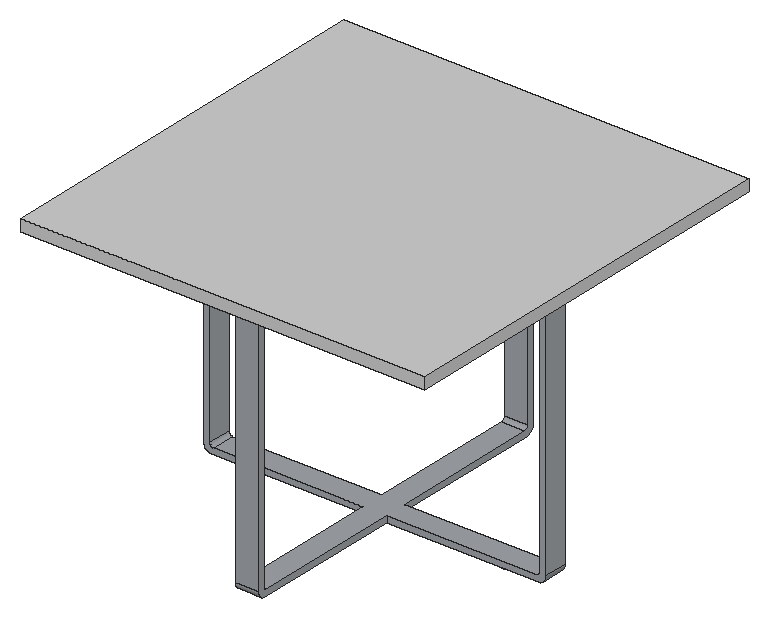
Revit family
Parameters
  URL = "http://www.martinbrattrud.com"
  Table [instance] = none
  SCS Certified Product = "Yes"
  Model = "Serif 531-26SLC"
  Manufacturer = "Martin Brattrud, Inc."
  Legs [instance] = none
  Keynote = "125000"
  Copyright = "© 2013 Martin Brattrud, Inc."
  Authoring Version = "Revit Architecture 2010"
  Assembly Code = "E2020200"
Reference planes (in)
  plane 1 "Center Front/Back": y = 0
  plane 2: z = 0
  plane 3 "Center Left/Right": x = 0
  plane 4: y = 13
  plane 5: y = -13
  plane 6: x = -13
  plane 7: x = 13
Forms (in)
  Extrusion 1, solid, material <- "Legs"
    sketch origin (0, 0, 0) x (0, 1, 0) y (0, 0, 1)
      loop
        arc (11, 16.935) -> (10.85355, 17.28855) -> (10.5, 17.435) r 0.5
        line (10.5, 17.435) -> (-10.5, 17.435)
        arc (-10.5, 17.435) -> (-10.85355, 17.28855) -> (-11, 16.935) r 0.5
        line (-11, 16.935) -> (-11, 0.6875)
        arc (-11, 0.6875) -> (-10.85355, 0.33395) -> (-10.5, 0.1875) r 0.5
        line (-10.5, 0.1875) -> (10.5, 0.1875)
        arc (10.5, 0.1875) -> (10.85355, 0.33395) -> (11, 0.6875) r 0.5
        line (11, 0.6875) -> (11, 16.935)
      loop
        arc (10.625, 16.81) -> (10.55178, 16.98678) -> (10.375, 17.06) r 0.25
        line (10.375, 17.06) -> (-10.375, 17.06)
        arc (-10.375, 17.06) -> (-10.55178, 16.98678) -> (-10.625, 16.81) r 0.25
        line (-10.625, 16.81) -> (-10.625, 0.8125)
        arc (-10.625, 0.8125) -> (-10.55178, 0.63572) -> (-10.375, 0.5625) r 0.25
        line (-10.375, 0.5625) -> (10.375, 0.5625)
        arc (10.375, 0.5625) -> (10.55178, 0.63572) -> (10.625, 0.8125) r 0.25
        line (10.625, 0.8125) -> (10.625, 16.81)
    from -0.75 to 0.75
  Revolve 2, solid
    sketch origin (0, -1.5625, 0) x (0, 1, 0) y (0, 0, 1)
      loop
        line (-6.4375, 0) -> (-6.4375, 0.1875) -> (-7, 0.1875) -> (-7, 0.125)
        arc (-7, 0.125) -> (-6.96339, 0.03661) -> (-6.875, 0) r 0.125
        line (-6.875, 0) -> (-6.4375, 0)
      axis (-6.4375, 0) -> (-6.4375, 0.1875)
    angle from 0 to 360
  Revolve 3, solid
    sketch origin (0, 6.4375, 0) x (0, 1, 0) y (0, 0, 1)
      loop
        line (-6.4375, 0) -> (-6.4375, 0.1875) -> (-7, 0.1875) -> (-7, 0.125)
        arc (-7, 0.125) -> (-6.96339, 0.03661) -> (-6.875, 0) r 0.125
        line (-6.875, 0) -> (-6.4375, 0)
      axis (-6.4375, 0) -> (-6.4375, 0.1875)
    angle from 0 to 360
  Revolve 4, solid
    sketch origin (0, 14.4375, 0) x (0, 1, 0) y (0, 0, 1)
      loop
        line (-6.4375, 0) -> (-6.4375, 0.1875) -> (-7, 0.1875) -> (-7, 0.125)
        arc (-7, 0.125) -> (-6.96339, 0.03661) -> (-6.875, 0) r 0.125
        line (-6.875, 0) -> (-6.4375, 0)
      axis (-6.4375, 0) -> (-6.4375, 0.1875)
    angle from 0 to 360
  Extrusion 5, solid, material <- "Legs"
    sketch origin (0, 0, 0) x (-1, 0, 0) y (0, 0, 1)
      loop
        arc (11, 16.935) -> (10.85355, 17.28855) -> (10.5, 17.435) r 0.5
        line (10.5, 17.435) -> (-10.5, 17.435)
        arc (-10.5, 17.435) -> (-10.85355, 17.28855) -> (-11, 16.935) r 0.5
        line (-11, 16.935) -> (-11, 0.6875)
        arc (-11, 0.6875) -> (-10.85355, 0.33395) -> (-10.5, 0.1875) r 0.5
        line (-10.5, 0.1875) -> (10.5, 0.1875)
        arc (10.5, 0.1875) -> (10.85355, 0.33395) -> (11, 0.6875) r 0.5
        line (11, 0.6875) -> (11, 16.935)
      loop
        arc (10.625, 16.81) -> (10.55178, 16.98678) -> (10.375, 17.06) r 0.25
        line (10.375, 17.06) -> (-10.375, 17.06)
        arc (-10.375, 17.06) -> (-10.55178, 16.98678) -> (-10.625, 16.81) r 0.25
        line (-10.625, 16.81) -> (-10.625, 0.8125)
        arc (-10.625, 0.8125) -> (-10.55178, 0.63572) -> (-10.375, 0.5625) r 0.25
        line (-10.375, 0.5625) -> (10.375, 0.5625)
        arc (10.375, 0.5625) -> (10.55178, 0.63572) -> (10.625, 0.8125) r 0.25
        line (10.625, 0.8125) -> (10.625, 16.81)
    from -0.75 to 0.75
  Revolve 6, solid
    sketch origin (1.5625, 0, 0) x (-1, 0, 0) y (0, 0, 1)
      loop
        line (-6.4375, 0) -> (-6.4375, 0.1875) -> (-7, 0.1875) -> (-7, 0.125)
        arc (-7, 0.125) -> (-6.96339, 0.03661) -> (-6.875, 0) r 0.125
        line (-6.875, 0) -> (-6.4375, 0)
      axis (-6.4375, 0) -> (-6.4375, 0.1875)
    angle from 0 to 360
  Revolve 7, solid
    sketch origin (-14.4375, 0, 0) x (-1, 0, 0) y (0, 0, 1)
      loop
        line (-6.4375, 0) -> (-6.4375, 0.1875) -> (-7, 0.1875) -> (-7, 0.125)
        arc (-7, 0.125) -> (-6.96339, 0.03661) -> (-6.875, 0) r 0.125
        line (-6.875, 0) -> (-6.4375, 0)
      axis (-6.4375, 0) -> (-6.4375, 0.1875)
    angle from 0 to 360
  Extrusion 8, solid, material <- "Table"
    sketch origin (0, 0, -2) x (1, 0, 0) y (0, 1, 0)
      loop
        line (-13, 13) -> (-13, -13) -> (13, -13) -> (13, 13) -> (-13, 13)
    from 19.4975 to 20.2475
Cuts and joins
  joined: Extrusion 1, Extrusion 5
